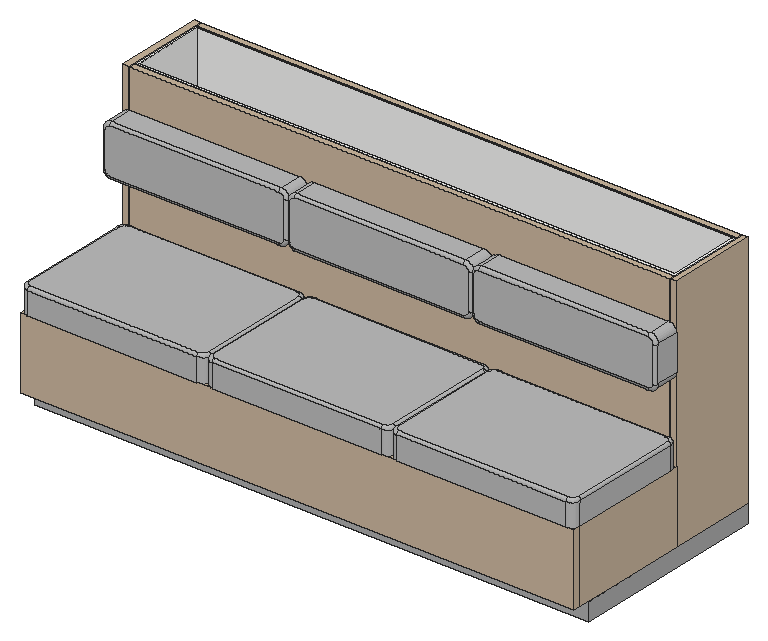
Revit family "Booth con Jardinera", category Sistemas de mobiliario, Revit 2024
Family settings
  Cota de conector redondo = Usar diámetro
  Tipo de pieza = Normal
  Se basa en plano de trabajo = No
  Activar corte en vistas = No
  Siempre vertical = Sí
  Corte con vacíos al cargar = No
  Compartido = No
  Punto de cálculo de habitación = No
Parameters
  Tela = Tela gris
  Melamina = Melamina duna
  Estructura = Pintura blaca brillante
  Elevación por defecto = 0 mm
Reference planes
  plane 1: z = 0
  plane 2 "Centro (Izquierda/Derecha)": x = -190
  plane 3 "Centro I/K": x = -1630
  plane 4 "Centro I/H": y = -500.226
  plane 5 "Centro I/J": y = -1200
  plane 6 "Centro I/L": x = -1200
  plane 7 "Centro I/M": x = 599.549
  plane 8 "Centro (Frontal/Posterior)": y = 0
  plane 9 "Centro I/G": y = 1800
  plane 10 "Centro I/M": x = 599.549
  plane 11 "Centro I/N": x = 1199.549
  plane 12 "Centro (Frontal/Posterior)": y = 0
  plane 13 "Centro I/I": y = -600
  plane 14 "Centro I/J": y = -1200
  plane 15 "Centro I/M": x = 599.549
  plane 16 "Centro I/N": x = 1199.549
  plane 17 "Centro I/O": x = 1800
  plane 18 "Centro I/V": x = -910
  plane 19 "Centro I/GG": y = 1114.793
  plane 20 "Centro I/HH": y = 264.793
  plane 21 "Centro I/II": y = 764.793
  plane 22 "Centro I/JJ": x = -2350
Forms (mm)
  Extrusion 1, solid, material "Acero, acabado de pintura, gris oscuro, mate"
    sketch origin (-2919.549, -335.207, 0) x (1, 0, 0) y (0, 1, 0)
      loop
        line (569.549, 1450) -> (569.549, 670) -> (2729.549, 670) -> (2729.549, 1450) -> (569.549, 1450)
      loop
        line (2704.549, 695) -> (2704.549, 1425) -> (594.549, 1425) -> (594.549, 695) -> (2704.549, 695)
    from 0 to 70
  Extrusion 2, solid, material "Tela gris" <- "Tela", not visible
    sketch origin (25, 24.549, 0) x (1, 0, 0) y (0, 1, 0)
      loop
        arc (-1169.977, -699.549) -> (-1191.253, -708.455) -> (-1200, -729.797) r 30.136
        line (-1200, -729.797) -> (-1200, -1169.752)
        arc (-1200, -1169.752) -> (-1191.16, -1190.868) -> (-1169.977, -1199.549) r 29.91
        line (-1169.977, -1199.549) -> (169.977, -1199.549)
        arc (169.977, -1199.549) -> (191.207, -1190.755) -> (200, -1169.526) r 30.023
        line (200, -1169.526) -> (200, -729.571)
        arc (200, -729.571) -> (191.207, -708.342) -> (169.977, -699.549) r 30.023
        line (169.977, -699.549) -> (-1169.977, -699.549)
    from 350 to 450
  Sweep 3, void, not visible
    path origin (0, 0, 0) x (1, 0, 0) y (0, 1, 0)
      loop
        line (-1175, -705.248) -> (-1175, -1145.203)
        arc (-1175, -1145.203) -> (-1166.16, -1166.319) -> (-1144.977, -1175) r 29.91
        line (-1144.977, -1175) -> (194.977, -1175)
        arc (194.977, -1175) -> (216.207, -1166.207) -> (225, -1144.977) r 30.023
        line (225, -1144.977) -> (225, -705.023)
        arc (225, -705.023) -> (216.207, -683.793) -> (194.977, -675) r 30.023
        line (194.977, -675) -> (-1144.977, -675)
        arc (-1144.977, -675) -> (-1166.253, -683.906) -> (-1175, -705.248) r 30.136
    profile origin (-1175, -925.226, 0) x (1, 0, 0) y (0, 0, 1)
      loop
        line (10.607, 450) -> (0, 450) -> (0, 439.393)
        arc (0, 439.393) -> (3.107, 446.893) -> (10.607, 450) r 10.607
  Extrusion 4, solid, material "Tela gris" <- "Tela", not visible
    sketch origin (0, -0.451, 0) x (1, 0, 0) y (0, 1, 0)
      loop
        arc (-1169.977, -524.774) -> (-1191.253, -533.681) -> (-1200, -555.023) r 30.136
        line (-1200, -555.023) -> (-1200, -1169.752)
        arc (-1200, -1169.752) -> (-1191.16, -1190.868) -> (-1169.977, -1199.549) r 29.91
        line (-1169.977, -1199.549) -> (-630.023, -1199.549)
        arc (-630.023, -1199.549) -> (-608.793, -1190.755) -> (-600, -1169.526) r 30.023
        line (-600, -1169.526) -> (-600, -554.797)
        arc (-600, -554.797) -> (-608.793, -533.568) -> (-630.023, -524.774) r 30.023
        line (-630.023, -524.774) -> (-1169.977, -524.774)
    from 70 to 450
  Sweep 5, void, not visible
    path origin (-25, -25, 0) x (1, 0, 0) y (0, 1, 0)
      loop
        line (-1175, -530.474) -> (-1175, -1145.203)
        arc (-1175, -1145.203) -> (-1166.16, -1166.319) -> (-1144.977, -1175) r 29.91
        line (-1144.977, -1175) -> (-605.023, -1175)
        arc (-605.023, -1175) -> (-583.793, -1166.207) -> (-575, -1144.977) r 30.023
        line (-575, -1144.977) -> (-575, -530.248)
        arc (-575, -530.248) -> (-583.793, -509.019) -> (-605.023, -500.226) r 30.023
        line (-605.023, -500.226) -> (-1144.977, -500.226)
        arc (-1144.977, -500.226) -> (-1166.253, -509.132) -> (-1175, -530.474) r 30.136
    profile origin (-1200, -862.839, 0) x (1, 0, 0) y (0, 0, 1)
      loop
        line (10.607, 450) -> (0, 450) -> (0, 439.393)
        arc (0, 439.393) -> (3.107, 446.893) -> (10.607, 450) r 10.607
  Extrusion 6, solid, material "Melamina duna" <- "Melamina", not visible
    sketch origin (0, 0, 0) x (1, 0, 0) y (0, 1, 0)
      loop
        line (-1200, -1200) -> (599.549, -1200) -> (599.549, -500.226) -> (-1200, -500.226) -> (-1200, -1200)
      loop
        line (574.549, -525.226) -> (-1175, -525.226) -> (-1175, -1175) -> (574.549, -1175) -> (574.549, -525.226)
    from 0 to 70
  Extrusion 7, solid, material "Melamina duna" <- "Melamina", not visible
    sketch origin (0, 0, 45) x (1, 0, 0) y (0, 1, 0)
      loop
        line (-1175, -525.226) -> (-1175, -1175) -> (574.549, -1175) -> (574.549, -525.226) -> (-1175, -525.226)
    from 0 to 25
  Extrusion 8, solid, material "Melamina duna" <- "Melamina", not visible
    sketch origin (0, 0, 0) x (1, 0, 0) y (0, 1, 0)
      loop
        line (-1200, -500.226) -> (-1200, -525.226) -> (599.549, -525.226) -> (599.549, -500.226) -> (-1200, -500.226)
    from 70 to 450
  Extrusion 9, solid, material "Tela gris" <- "Tela", not visible
    sketch origin (0, -0.451, 0) x (1, 0, 0) y (0, 1, 0)
      loop
        arc (-1169.977, -524.774) -> (-1191.253, -533.681) -> (-1200, -555.023) r 30.136
        line (-1200, -555.023) -> (-1200, -1169.752)
        arc (-1200, -1169.752) -> (-1191.16, -1190.868) -> (-1169.977, -1199.549) r 29.91
        line (-1169.977, -1199.549) -> (-630.023, -1199.549)
        arc (-630.023, -1199.549) -> (-608.793, -1190.755) -> (-600, -1169.526) r 30.023
        line (-600, -1169.526) -> (-600, -554.797)
        arc (-600, -554.797) -> (-608.793, -533.568) -> (-630.023, -524.774) r 30.023
        line (-630.023, -524.774) -> (-1169.977, -524.774)
    from 70 to 450
  Sweep 10, void, not visible
    path origin (-25, -25, 0) x (1, 0, 0) y (0, 1, 0)
      loop
        line (-1175, -530.474) -> (-1175, -1145.203)
        arc (-1175, -1145.203) -> (-1166.16, -1166.319) -> (-1144.977, -1175) r 29.91
        line (-1144.977, -1175) -> (-605.023, -1175)
        arc (-605.023, -1175) -> (-583.793, -1166.207) -> (-575, -1144.977) r 30.023
        line (-575, -1144.977) -> (-575, -530.248)
        arc (-575, -530.248) -> (-583.793, -509.019) -> (-605.023, -500.226) r 30.023
        line (-605.023, -500.226) -> (-1144.977, -500.226)
        arc (-1144.977, -500.226) -> (-1166.253, -509.132) -> (-1175, -530.474) r 30.136
    profile origin (-1200, -862.839, 0) x (1, 0, 0) y (0, 0, 1)
      loop
        line (10.607, 450) -> (0, 450) -> (0, 439.393)
        arc (0, 439.393) -> (3.107, 446.893) -> (10.607, 450) r 10.607
  Extrusion 11, solid, material "Tela gris" <- "Tela", not visible
    sketch origin (-1200, -630.248, 0) x (0, -1, 0) y (0, 0, 1)
      loop
        line (-130.023, 450) -> (-10.023, 450) -> (-46.294, 678.702)
        arc (-46.294, 678.702) -> (-54.837, 693.951) -> (-71.236, 700) r 25.254
        line (-71.236, 700) -> (-108.809, 700)
        arc (-108.809, 700) -> (-123.809, 693.787) -> (-130.023, 678.787) r 21.213
        line (-130.023, 678.787) -> (-130.023, 450)
    from -1799.549 to 0
  Extrusion 12, solid, material "Tela gris" <- "Tela", not visible
    sketch origin (600, -0.451, 0) x (1, 0, 0) y (0, 1, 0)
      loop
        arc (-1169.977, -524.774) -> (-1191.253, -533.681) -> (-1200, -555.023) r 30.136
        line (-1200, -555.023) -> (-1200, -1169.752)
        arc (-1200, -1169.752) -> (-1191.16, -1190.868) -> (-1169.977, -1199.549) r 29.91
        line (-1169.977, -1199.549) -> (-630.023, -1199.549)
        arc (-630.023, -1199.549) -> (-608.793, -1190.755) -> (-600, -1169.526) r 30.023
        line (-600, -1169.526) -> (-600, -554.797)
        arc (-600, -554.797) -> (-608.793, -533.568) -> (-630.023, -524.774) r 30.023
        line (-630.023, -524.774) -> (-1169.977, -524.774)
    from 70 to 450
  Sweep 13, void, not visible
    path origin (575, -25, 0) x (1, 0, 0) y (0, 1, 0)
      loop
        line (-1175, -530.474) -> (-1175, -1145.203)
        arc (-1175, -1145.203) -> (-1166.16, -1166.319) -> (-1144.977, -1175) r 29.91
        line (-1144.977, -1175) -> (-605.023, -1175)
        arc (-605.023, -1175) -> (-583.793, -1166.207) -> (-575, -1144.977) r 30.023
        line (-575, -1144.977) -> (-575, -530.248)
        arc (-575, -530.248) -> (-583.793, -509.019) -> (-605.023, -500.226) r 30.023
        line (-605.023, -500.226) -> (-1144.977, -500.226)
        arc (-1144.977, -500.226) -> (-1166.253, -509.132) -> (-1175, -530.474) r 30.136
    profile origin (-600, -862.839, 0) x (1, 0, 0) y (0, 0, 1)
      loop
        line (10.607, 450) -> (0, 450) -> (0, 439.393)
        arc (0, 439.393) -> (3.107, 446.893) -> (10.607, 450) r 10.607
  Extrusion 14, solid, material "Tela gris" <- "Tela", not visible
    sketch origin (1200, -0.451, 0) x (1, 0, 0) y (0, 1, 0)
      loop
        arc (-1169.977, -524.774) -> (-1191.253, -533.681) -> (-1200, -555.023) r 30.136
        line (-1200, -555.023) -> (-1200, -1169.752)
        arc (-1200, -1169.752) -> (-1191.16, -1190.868) -> (-1169.977, -1199.549) r 29.91
        line (-1169.977, -1199.549) -> (-630.023, -1199.549)
        arc (-630.023, -1199.549) -> (-608.793, -1190.755) -> (-600, -1169.526) r 30.023
        line (-600, -1169.526) -> (-600, -554.797)
        arc (-600, -554.797) -> (-608.793, -533.568) -> (-630.023, -524.774) r 30.023
        line (-630.023, -524.774) -> (-1169.977, -524.774)
    from 70 to 450
  Sweep 15, void, not visible
    path origin (1175, -25, 0) x (1, 0, 0) y (0, 1, 0)
      loop
        line (-1175, -530.474) -> (-1175, -1145.203)
        arc (-1175, -1145.203) -> (-1166.16, -1166.319) -> (-1144.977, -1175) r 29.91
        line (-1144.977, -1175) -> (-605.023, -1175)
        arc (-605.023, -1175) -> (-583.793, -1166.207) -> (-575, -1144.977) r 30.023
        line (-575, -1144.977) -> (-575, -530.248)
        arc (-575, -530.248) -> (-583.793, -509.019) -> (-605.023, -500.226) r 30.023
        line (-605.023, -500.226) -> (-1144.977, -500.226)
        arc (-1144.977, -500.226) -> (-1166.253, -509.132) -> (-1175, -530.474) r 30.136
    profile origin (0, -862.839, 0) x (1, 0, 0) y (0, 0, 1)
      loop
        line (10.607, 450) -> (0, 450) -> (0, 439.393)
        arc (0, 439.393) -> (3.107, 446.893) -> (10.607, 450) r 10.607
  Extrusion 16, solid, material "Melamina duna" <- "Melamina", not visible
    sketch origin (0, 0, 0) x (1, 0, 0) y (0, 1, 0)
      loop
        line (599.549, 1800) -> (599.549, 0) -> (1199.549, 0) -> (1199.549, 1800) -> (599.549, 1800)
      loop
        line (624.549, 1775) -> (624.549, 25) -> (1174.549, 25) -> (1174.549, 1775) -> (624.549, 1775)
    from 0 to 70
  Extrusion 17, solid, material "Melamina duna" <- "Melamina", not visible
    sketch origin (0, 0, 45) x (1, 0, 0) y (0, 1, 0)
      loop
        line (1174.549, 25) -> (1174.549, 1775) -> (624.549, 1775) -> (624.549, 25) -> (1174.549, 25)
    from 0 to 25
  Extrusion 18, solid, material "Tela gris" <- "Tela", not visible
    sketch origin (1799.549, 1199.549, 0) x (1, 0, 0) y (0, 1, 0)
      loop
        arc (-1169.977, -699.549) -> (-1191.253, -708.455) -> (-1200, -729.797) r 30.136
        line (-1200, -729.797) -> (-1200, -1169.752)
        arc (-1200, -1169.752) -> (-1191.16, -1190.868) -> (-1169.977, -1199.549) r 29.91
        line (-1169.977, -1199.549) -> (169.977, -1199.549)
        arc (169.977, -1199.549) -> (191.207, -1190.755) -> (200, -1169.526) r 30.023
        line (200, -1169.526) -> (200, -729.571)
        arc (200, -729.571) -> (191.207, -708.342) -> (169.977, -699.549) r 30.023
        line (169.977, -699.549) -> (-1169.977, -699.549)
    from 350 to 450
  Sweep 19, void, not visible
    path origin (1774.549, 1175, 0) x (1, 0, 0) y (0, 1, 0)
      loop
        line (-1175, -705.248) -> (-1175, -1145.203)
        arc (-1175, -1145.203) -> (-1166.16, -1166.319) -> (-1144.977, -1175) r 29.91
        line (-1144.977, -1175) -> (194.977, -1175)
        arc (194.977, -1175) -> (216.207, -1166.207) -> (225, -1144.977) r 30.023
        line (225, -1144.977) -> (225, -705.023)
        arc (225, -705.023) -> (216.207, -683.793) -> (194.977, -675) r 30.023
        line (194.977, -675) -> (-1144.977, -675)
        arc (-1144.977, -675) -> (-1166.253, -683.906) -> (-1175, -705.248) r 30.136
    profile origin (599.549, 249.774, 0) x (1, 0, 0) y (0, 0, 1)
      loop
        line (10.607, 450) -> (0, 450) -> (0, 439.393)
        arc (0, 439.393) -> (3.107, 446.893) -> (10.607, 450) r 10.607
  Extrusion 20, solid, material "Tela gris" <- "Tela", not visible
    sketch origin (1799.549, 1799.549, 0) x (1, 0, 0) y (0, 1, 0)
      loop
        arc (-1169.977, -699.549) -> (-1191.253, -708.455) -> (-1200, -729.797) r 30.136
        line (-1200, -729.797) -> (-1200, -1169.752)
        arc (-1200, -1169.752) -> (-1191.16, -1190.868) -> (-1169.977, -1199.549) r 29.91
        line (-1169.977, -1199.549) -> (169.977, -1199.549)
        arc (169.977, -1199.549) -> (191.207, -1190.755) -> (200, -1169.526) r 30.023
        line (200, -1169.526) -> (200, -729.571)
        arc (200, -729.571) -> (191.207, -708.342) -> (169.977, -699.549) r 30.023
        line (169.977, -699.549) -> (-1169.977, -699.549)
    from 350 to 450
  Sweep 21, void, not visible
    path origin (1774.549, 1775, 0) x (1, 0, 0) y (0, 1, 0)
      loop
        line (-1175, -705.248) -> (-1175, -1145.203)
        arc (-1175, -1145.203) -> (-1166.16, -1166.319) -> (-1144.977, -1175) r 29.91
        line (-1144.977, -1175) -> (194.977, -1175)
        arc (194.977, -1175) -> (216.207, -1166.207) -> (225, -1144.977) r 30.023
        line (225, -1144.977) -> (225, -705.023)
        arc (225, -705.023) -> (216.207, -683.793) -> (194.977, -675) r 30.023
        line (194.977, -675) -> (-1144.977, -675)
        arc (-1144.977, -675) -> (-1166.253, -683.906) -> (-1175, -705.248) r 30.136
    profile origin (599.549, 849.774, 0) x (1, 0, 0) y (0, 0, 1)
      loop
        line (10.607, 450) -> (0, 450) -> (0, 439.393)
        arc (0, 439.393) -> (3.107, 446.893) -> (10.607, 450) r 10.607
  Extrusion 22, solid, material "Tela gris" <- "Tela", not visible
    sketch origin (1799.549, 2399.549, 0) x (1, 0, 0) y (0, 1, 0)
      loop
        arc (-1169.977, -699.549) -> (-1191.253, -708.455) -> (-1200, -729.797) r 30.136
        line (-1200, -729.797) -> (-1200, -1169.752)
        arc (-1200, -1169.752) -> (-1191.16, -1190.868) -> (-1169.977, -1199.549) r 29.91
        line (-1169.977, -1199.549) -> (169.977, -1199.549)
        arc (169.977, -1199.549) -> (191.207, -1190.755) -> (200, -1169.526) r 30.023
        line (200, -1169.526) -> (200, -729.571)
        arc (200, -729.571) -> (191.207, -708.342) -> (169.977, -699.549) r 30.023
        line (169.977, -699.549) -> (-1169.977, -699.549)
    from 350 to 450
  Sweep 23, void, not visible
    path origin (1774.549, 2375, 0) x (1, 0, 0) y (0, 1, 0)
      loop
        line (-1175, -705.248) -> (-1175, -1145.203)
        arc (-1175, -1145.203) -> (-1166.16, -1166.319) -> (-1144.977, -1175) r 29.91
        line (-1144.977, -1175) -> (194.977, -1175)
        arc (194.977, -1175) -> (216.207, -1166.207) -> (225, -1144.977) r 30.023
        line (225, -1144.977) -> (225, -705.023)
        arc (225, -705.023) -> (216.207, -683.793) -> (194.977, -675) r 30.023
        line (194.977, -675) -> (-1144.977, -675)
        arc (-1144.977, -675) -> (-1166.253, -683.906) -> (-1175, -705.248) r 30.136
    profile origin (599.549, 1449.774, 0) x (1, 0, 0) y (0, 0, 1)
      loop
        line (10.607, 450) -> (0, 450) -> (0, 439.393)
        arc (0, 439.393) -> (3.107, 446.893) -> (10.607, 450) r 10.607
  Extrusion 24, solid, material "Melamina duna" <- "Melamina", not visible
    sketch origin (0, 0, 0) x (1, 0, 0) y (0, 1, 0)
      loop
        line (599.549, 0) -> (599.549, -1200) -> (1199.097, -1200) -> (1800, -600) -> (1800, 0) -> (599.549, 0)
      loop
        line (624.549, -25) -> (624.549, -1175) -> (1188.742, -1175) -> (1775, -589.645) -> (1775, -25) -> (624.549, -25)
    from 0 to 70
  Extrusion 25, solid, material "Melamina duna" <- "Melamina", not visible
    sketch origin (0, 0, 0) x (1, 0, 0) y (0, 1, 0)
      loop
        line (624.549, -25) -> (624.549, -1175) -> (1188.742, -1175) -> (1775, -589.645) -> (1775, -25) -> (624.549, -25)
    from 0 to 25
  Extrusion 26, solid, material "Melamina duna" <- "Melamina", not visible
    sketch origin (0, 0, 0) x (1, 0, 0) y (0, 1, 0)
      loop
        line (599.549, 0) -> (599.549, -25.282) -> (1174.266, -25.282) -> (1174.266, -575.169) -> (599.549, -575.169) -> (599.549, -600) -> (1199.549, -600) -> (1199.549, 0) -> (599.549, 0)
    from 70 to 700
  Extrusion 27, solid, material "Melamina duna" <- "Melamina", not visible
    sketch origin (-0.169, -0.282, 372.5) x (1, 0, 0) y (0, 1, 0)
      loop
        line (624.718, -25) -> (624.718, -574.887) -> (1174.436, -574.887) -> (1174.436, -25) -> (624.718, -25)
    from -72.5 to -52.5
  Extrusion 28, solid, material "Melamina duna" <- "Melamina", not visible
    sketch origin (624.549, -0.282, -514.718) x (0, 0, 1) y (0, 1, 0)
      loop
        line (584.718, -25) -> (584.718, -574.887) -> (1214.718, -574.887) -> (1214.718, -25) -> (584.718, -25)
    from 0 to 25
  Extrusion 29, solid, material "Melamina duna" <- "Melamina", not visible
    sketch origin (-599.549, 0, 0) x (1, 0, 0) y (0, 1, 0)
      loop
        line (1799.097, -25) -> (1774.097, -25) -> (1774.097, -575.169) -> (1224.097, -575.169) -> (1224.097, -600) -> (1799.097, -600) -> (1799.097, -25)
    from 25 to 70
  Extrusion 30, solid, material "Melamina duna" <- "Melamina"
    sketch origin (-630, -360.207, 70) x (1, 0, 0) y (0, 1, 0)
      loop
        line (-1695, 1450) -> (-1695, 650) -> (415, 650) -> (415, 1450) -> (-1695, 1450)
    from 0 to 25
  Extrusion 31, solid, material "Melamina duna" <- "Melamina"
    sketch origin (-600.18, 687.293, -624.718) x (0, 0, 1) y (-1, 0, 0)
      loop
        line (719.718, 1724.82) -> (719.718, -385.18) -> (974.718, -385.18) -> (974.718, 1724.82) -> (719.718, 1724.82)
    from -77.5 to -52.5
  Extrusion 32, solid, material "Melamina duna" <- "Melamina"
    sketch origin (-600.18, 212.293, -624.718) x (0, 0, 1) y (-1, 0, 0)
      loop
        line (694.718, 1749.82) -> (694.718, -410.18) -> (974.718, -410.18) -> (974.718, 1749.82) -> (694.718, 1749.82)
    from -77.5 to -52.5
  Extrusion 33, solid, material "Melamina duna" <- "Melamina"
    sketch origin (-2272.5, 1509.612, -624.718) x (0, 0, 1) y (0, -1, 0)
      loop
        line (694.718, 1219.82) -> (694.718, 744.82) -> (974.718, 744.82) -> (974.718, 1219.82) -> (694.718, 1219.82)
    from -77.5 to -52.5
  Extrusion 34, solid, material "Melamina duna" <- "Melamina"
    sketch origin (-137.5, 1509.612, -624.718) x (0, 0, 1) y (0, -1, 0)
      loop
        line (694.718, 1219.82) -> (694.718, 744.82) -> (974.718, 744.82) -> (974.718, 1219.82) -> (694.718, 1219.82)
    from -77.5 to -52.5
  Extrusion 35, solid, material "Melamina duna" <- "Melamina"
    sketch origin (-625, -360.207, 325) x (1, 0, 0) y (0, 1, 0)
      loop
        line (-1700, 1100) -> (-1700, 650) -> (410, 650) -> (410, 1100) -> (-1700, 1100)
    from 0 to 25
  Extrusion 36, solid, material "Melamina duna" <- "Melamina"
    sketch origin (-2272.5, 2009.612, -624.718) x (0, 0, 1) y (0, -1, 0)
      loop
        line (694.718, 1244.82) -> (694.718, 894.82) -> (1624.718, 894.82) -> (1624.718, 1244.82) -> (694.718, 1244.82)
    from -77.5 to -52.5
  Extrusion 37, solid, material "Tela gris" <- "Tela", not visible
    sketch origin (-1530, 1464.341, 0) x (1, 0, 0) y (0, 1, 0)
      loop
        arc (-1169.977, -699.549) -> (-1191.253, -708.455) -> (-1200, -729.797) r 30.136
        line (-1200, -729.797) -> (-1200, -1169.752)
        arc (-1200, -1169.752) -> (-1191.16, -1190.868) -> (-1169.977, -1199.549) r 29.91
        line (-1169.977, -1199.549) -> (-510.023, -1199.549)
        arc (-510.023, -1199.549) -> (-488.793, -1190.755) -> (-480, -1169.526) r 30.023
        line (-480, -1169.526) -> (-480, -729.571)
        arc (-480, -729.571) -> (-488.793, -708.342) -> (-510.023, -699.549) r 30.023
        line (-510.023, -699.549) -> (-1169.977, -699.549)
    from 350 to 450
  Sweep 38, void, not visible
    path origin (-1555, 1439.793, 0) x (1, 0, 0) y (0, 1, 0)
      loop
        line (-1175, -705.248) -> (-1175, -1145.203)
        arc (-1175, -1145.203) -> (-1166.16, -1166.319) -> (-1144.977, -1175) r 29.91
        line (-1144.977, -1175) -> (-485.023, -1175)
        arc (-485.023, -1175) -> (-463.793, -1166.207) -> (-455, -1144.977) r 30.023
        line (-455, -1144.977) -> (-455, -705.023)
        arc (-455, -705.023) -> (-463.793, -683.793) -> (-485.023, -675) r 30.023
        line (-485.023, -675) -> (-1144.977, -675)
        arc (-1144.977, -675) -> (-1166.253, -683.906) -> (-1175, -705.248) r 30.136
    profile origin (-2730, 514.567, 0) x (1, 0, 0) y (0, 0, 1)
      loop
        line (10.607, 450) -> (0, 450) -> (0, 439.393)
        arc (0, 439.393) -> (3.107, 446.893) -> (10.607, 450) r 10.607
  Extrusion 39, solid, material "Tela gris" <- "Tela"
    sketch origin (-1150, 1464.341, 0) x (1, 0, 0) y (0, 1, 0)
      loop
        arc (-1169.977, -699.549) -> (-1191.253, -708.455) -> (-1200, -729.797) r 30.136
        line (-1200, -729.797) -> (-1200, -1169.752)
        arc (-1200, -1169.752) -> (-1191.16, -1190.868) -> (-1169.977, -1199.549) r 29.91
        line (-1169.977, -1199.549) -> (-510.023, -1199.549)
        arc (-510.023, -1199.549) -> (-488.793, -1190.755) -> (-480, -1169.526) r 30.023
        line (-480, -1169.526) -> (-480, -729.571)
        arc (-480, -729.571) -> (-488.793, -708.342) -> (-510.023, -699.549) r 30.023
        line (-510.023, -699.549) -> (-1169.977, -699.549)
    from 350 to 450
  Sweep 40, void
    path origin (-1175, 1439.793, 0) x (1, 0, 0) y (0, 1, 0)
      loop
        line (-1175, -705.248) -> (-1175, -1145.203)
        arc (-1175, -1145.203) -> (-1166.16, -1166.319) -> (-1144.977, -1175) r 29.91
        line (-1144.977, -1175) -> (-485.023, -1175)
        arc (-485.023, -1175) -> (-463.793, -1166.207) -> (-455, -1144.977) r 30.023
        line (-455, -1144.977) -> (-455, -705.023)
        arc (-455, -705.023) -> (-463.793, -683.793) -> (-485.023, -675) r 30.023
        line (-485.023, -675) -> (-1144.977, -675)
        arc (-1144.977, -675) -> (-1166.253, -683.906) -> (-1175, -705.248) r 30.136
    profile origin (-2350, 514.567, 0) x (1, 0, 0) y (0, 0, 1)
      loop
        line (10.607, 450) -> (0, 450) -> (0, 439.393)
        arc (0, 439.393) -> (3.107, 446.893) -> (10.607, 450) r 10.607
  Extrusion 41, solid, material "Tela gris" <- "Tela", not visible
    sketch origin (3940, 1464.341, 0) x (1, 0, 0) y (0, 1, 0)
      loop
        arc (-1179.977, -699.549) -> (-1201.253, -708.455) -> (-1210, -729.797) r 30.136
        line (-1210, -729.797) -> (-1210, -1169.752)
        arc (-1210, -1169.752) -> (-1201.16, -1190.868) -> (-1179.977, -1199.549) r 29.91
        line (-1179.977, -1199.549) -> (169.977, -1199.549)
        arc (169.977, -1199.549) -> (191.207, -1190.755) -> (200, -1169.526) r 30.023
        line (200, -1169.526) -> (200, -729.571)
        arc (200, -729.571) -> (191.207, -708.342) -> (169.977, -699.549) r 30.023
        line (169.977, -699.549) -> (-1179.977, -699.549)
    from 350 to 450
  Sweep 42, void, not visible
    path origin (3915, 1439.793, 0) x (1, 0, 0) y (0, 1, 0)
      loop
        line (-1185, -705.248) -> (-1185, -1145.203)
        arc (-1185, -1145.203) -> (-1176.16, -1166.319) -> (-1154.977, -1175) r 29.91
        line (-1154.977, -1175) -> (194.977, -1175)
        arc (194.977, -1175) -> (216.207, -1166.207) -> (225, -1144.977) r 30.023
        line (225, -1144.977) -> (225, -705.023)
        arc (225, -705.023) -> (216.207, -683.793) -> (194.977, -675) r 30.023
        line (194.977, -675) -> (-1154.977, -675)
        arc (-1154.977, -675) -> (-1176.253, -683.906) -> (-1185, -705.248) r 30.136
    profile origin (2730, 514.567, 0) x (1, 0, 0) y (0, 0, 1)
      loop
        line (10.607, 450) -> (0, 450) -> (0, 439.393)
        arc (0, 439.393) -> (3.107, 446.893) -> (10.607, 450) r 10.607
  Extrusion 43, solid, material "Melamina duna" <- "Melamina"
    sketch origin (-600.18, 1037.293, -624.718) x (0, 0, 1) y (-1, 0, 0)
      loop
        line (694.718, 1724.82) -> (694.718, -385.18) -> (1624.718, -385.18) -> (1624.718, 1724.82) -> (694.718, 1724.82)
    from -77.5 to -52.5
  Extrusion 44, solid, material "Melamina duna" <- "Melamina"
    sketch origin (-600.18, 712.293, -624.718) x (0, 0, 1) y (-1, 0, 0)
      loop
        line (719.718, 1724.82) -> (719.718, -385.18) -> (1624.718, -385.18) -> (1624.718, 1724.82) -> (719.718, 1724.82)
    from -77.5 to -52.5
  Extrusion 45, solid, material "Melamina duna" <- "Melamina"
    sketch origin (-137.5, 2009.612, -624.718) x (0, 0, 1) y (0, -1, 0)
      loop
        line (694.718, 1244.82) -> (694.718, 894.82) -> (1624.718, 894.82) -> (1624.718, 1244.82) -> (694.718, 1244.82)
    from -77.5 to -52.5
  Extrusion 46, solid, material "Tela gris" <- "Tela", not visible
    sketch origin (-2940, 1114.793, 1549.549) x (1, 0, 0) y (0, 0, 1)
      loop
        arc (-1169.977, -699.549) -> (-1191.253, -708.455) -> (-1200, -729.797) r 30.136
        line (-1200, -729.797) -> (-1200, -869.752)
        arc (-1200, -869.752) -> (-1191.16, -890.868) -> (-1169.977, -899.549) r 29.91
        line (-1169.977, -899.549) -> (169.977, -899.549)
        arc (169.977, -899.549) -> (191.207, -890.755) -> (200, -869.526) r 30.023
        line (200, -869.526) -> (200, -729.571)
        arc (200, -729.571) -> (191.207, -708.342) -> (169.977, -699.549) r 30.023
        line (169.977, -699.549) -> (-1169.977, -699.549)
    from 350 to 450
  Sweep 47, void, not visible
    path origin (-2965, 1114.793, 1525) x (1, 0, 0) y (0, 0, 1)
      loop
        line (-1175, -705.248) -> (-1175, -845.203)
        arc (-1175, -845.203) -> (-1166.16, -866.319) -> (-1144.977, -875) r 29.91
        line (-1144.977, -875) -> (194.977, -875)
        arc (194.977, -875) -> (216.207, -866.207) -> (225, -844.977) r 30.023
        line (225, -844.977) -> (225, -705.023)
        arc (225, -705.023) -> (216.207, -683.793) -> (194.977, -675) r 30.023
        line (194.977, -675) -> (-1144.977, -675)
        arc (-1144.977, -675) -> (-1166.253, -683.906) -> (-1175, -705.248) r 30.136
    profile origin (-4140, 1114.793, 749.774) x (0, -1, 0) y (1, 0, 0)
      loop
        arc (450, 10.607) -> (446.893, 3.107) -> (439.393, 0) r 10.607
        line (439.393, 0) -> (450, 0) -> (450, 10.607)
  Extrusion 48, solid, material "Tela gris" <- "Tela", not visible
    sketch origin (-1530, 1114.793, 1549.549) x (1, 0, 0) y (0, 0, 1)
      loop
        arc (-1169.977, -699.549) -> (-1191.253, -708.455) -> (-1200, -729.797) r 30.136
        line (-1200, -729.797) -> (-1200, -869.752)
        arc (-1200, -869.752) -> (-1191.16, -890.868) -> (-1169.977, -899.549) r 29.91
        line (-1169.977, -899.549) -> (-510.023, -899.549)
        arc (-510.023, -899.549) -> (-488.793, -890.755) -> (-480, -869.526) r 30.023
        line (-480, -869.526) -> (-480, -729.571)
        arc (-480, -729.571) -> (-488.793, -708.342) -> (-510.023, -699.549) r 30.023
        line (-510.023, -699.549) -> (-1169.977, -699.549)
    from 350 to 450
  Sweep 49, void, not visible
    path origin (-1555, 1114.793, 1525) x (1, 0, 0) y (0, 0, 1)
      loop
        line (-1175, -705.248) -> (-1175, -845.203)
        arc (-1175, -845.203) -> (-1166.16, -866.319) -> (-1144.977, -875) r 29.91
        line (-1144.977, -875) -> (-485.023, -875)
        arc (-485.023, -875) -> (-463.793, -866.207) -> (-455, -844.977) r 30.023
        line (-455, -844.977) -> (-455, -705.023)
        arc (-455, -705.023) -> (-463.793, -683.793) -> (-485.023, -675) r 30.023
        line (-485.023, -675) -> (-1144.977, -675)
        arc (-1144.977, -675) -> (-1166.253, -683.906) -> (-1175, -705.248) r 30.136
    profile origin (-2730, 1114.793, 749.774) x (0, -1, 0) y (1, 0, 0)
      loop
        arc (450, 10.607) -> (446.893, 3.107) -> (439.393, 0) r 10.607
        line (439.393, 0) -> (450, 0) -> (450, 10.607)
  Extrusion 50, solid, material "Tela gris" <- "Tela"
    sketch origin (-1150, 1114.793, 1549.549) x (1, 0, 0) y (0, 0, 1)
      loop
        arc (-1169.977, -699.549) -> (-1191.253, -708.455) -> (-1200, -729.797) r 30.136
        line (-1200, -729.797) -> (-1200, -869.752)
        arc (-1200, -869.752) -> (-1191.16, -890.868) -> (-1169.977, -899.549) r 29.91
        line (-1169.977, -899.549) -> (-510.023, -899.549)
        arc (-510.023, -899.549) -> (-488.793, -890.755) -> (-480, -869.526) r 30.023
        line (-480, -869.526) -> (-480, -729.571)
        arc (-480, -729.571) -> (-488.793, -708.342) -> (-510.023, -699.549) r 30.023
        line (-510.023, -699.549) -> (-1169.977, -699.549)
    from 350 to 450
  Sweep 51, void
    path origin (-1175, 1114.793, 1525) x (1, 0, 0) y (0, 0, 1)
      loop
        line (-1175, -705.248) -> (-1175, -845.203)
        arc (-1175, -845.203) -> (-1166.16, -866.319) -> (-1144.977, -875) r 29.91
        line (-1144.977, -875) -> (-485.023, -875)
        arc (-485.023, -875) -> (-463.793, -866.207) -> (-455, -844.977) r 30.023
        line (-455, -844.977) -> (-455, -705.023)
        arc (-455, -705.023) -> (-463.793, -683.793) -> (-485.023, -675) r 30.023
        line (-485.023, -675) -> (-1144.977, -675)
        arc (-1144.977, -675) -> (-1166.253, -683.906) -> (-1175, -705.248) r 30.136
    profile origin (-2350, 1114.793, 749.774) x (0, -1, 0) y (1, 0, 0)
      loop
        arc (450, 10.607) -> (446.893, 3.107) -> (439.393, 0) r 10.607
        line (439.393, 0) -> (450, 0) -> (450, 10.607)
  Extrusion 52, solid, material "Tela gris" <- "Tela", not visible
    sketch origin (3940, 1114.793, 1549.549) x (1, 0, 0) y (0, 0, 1)
      loop
        arc (-1179.977, -699.549) -> (-1201.253, -708.455) -> (-1210, -729.797) r 30.136
        line (-1210, -729.797) -> (-1210, -869.752)
        arc (-1210, -869.752) -> (-1201.16, -890.868) -> (-1179.977, -899.549) r 29.91
        line (-1179.977, -899.549) -> (169.977, -899.549)
        arc (169.977, -899.549) -> (191.207, -890.755) -> (200, -869.526) r 30.023
        line (200, -869.526) -> (200, -729.571)
        arc (200, -729.571) -> (191.207, -708.342) -> (169.977, -699.549) r 30.023
        line (169.977, -699.549) -> (-1179.977, -699.549)
    from 350 to 450
  Sweep 53, void, not visible
    path origin (3915, 1114.793, 1525) x (1, 0, 0) y (0, 0, 1)
      loop
        line (-1185, -705.248) -> (-1185, -845.203)
        arc (-1185, -845.203) -> (-1176.16, -866.319) -> (-1154.977, -875) r 29.91
        line (-1154.977, -875) -> (194.977, -875)
        arc (194.977, -875) -> (216.207, -866.207) -> (225, -844.977) r 30.023
        line (225, -844.977) -> (225, -705.023)
        arc (225, -705.023) -> (216.207, -683.793) -> (194.977, -675) r 30.023
        line (194.977, -675) -> (-1154.977, -675)
        arc (-1154.977, -675) -> (-1176.253, -683.906) -> (-1185, -705.248) r 30.136
    profile origin (2730, 1114.793, 749.774) x (0, -1, 0) y (1, 0, 0)
      loop
        arc (450, 10.607) -> (446.893, 3.107) -> (439.393, 0) r 10.607
        line (439.393, 0) -> (450, 0) -> (450, 10.607)
  Extrusion 54, solid, material "Tela gris" <- "Tela"
    sketch origin (-430, 1464.341, 0) x (1, 0, 0) y (0, 1, 0)
      loop
        arc (-1169.977, -699.549) -> (-1191.253, -708.455) -> (-1200, -729.797) r 30.136
        line (-1200, -729.797) -> (-1200, -1169.752)
        arc (-1200, -1169.752) -> (-1191.16, -1190.868) -> (-1169.977, -1199.549) r 29.91
        line (-1169.977, -1199.549) -> (-510.023, -1199.549)
        arc (-510.023, -1199.549) -> (-488.793, -1190.755) -> (-480, -1169.526) r 30.023
        line (-480, -1169.526) -> (-480, -729.571)
        arc (-480, -729.571) -> (-488.793, -708.342) -> (-510.023, -699.549) r 30.023
        line (-510.023, -699.549) -> (-1169.977, -699.549)
    from 350 to 450
  Sweep 55, void
    path origin (-455, 1439.793, 0) x (1, 0, 0) y (0, 1, 0)
      loop
        line (-1175, -705.248) -> (-1175, -1145.203)
        arc (-1175, -1145.203) -> (-1166.16, -1166.319) -> (-1144.977, -1175) r 29.91
        line (-1144.977, -1175) -> (-485.023, -1175)
        arc (-485.023, -1175) -> (-463.793, -1166.207) -> (-455, -1144.977) r 30.023
        line (-455, -1144.977) -> (-455, -705.023)
        arc (-455, -705.023) -> (-463.793, -683.793) -> (-485.023, -675) r 30.023
        line (-485.023, -675) -> (-1144.977, -675)
        arc (-1144.977, -675) -> (-1166.253, -683.906) -> (-1175, -705.248) r 30.136
    profile origin (-1630, 514.567, 0) x (1, 0, 0) y (0, 0, 1)
      loop
        line (10.607, 450) -> (0, 450) -> (0, 439.393)
        arc (0, 439.393) -> (3.107, 446.893) -> (10.607, 450) r 10.607
  Extrusion 56, solid, material "Tela gris" <- "Tela"
    sketch origin (290, 1464.341, 0) x (1, 0, 0) y (0, 1, 0)
      loop
        arc (-1169.977, -699.549) -> (-1191.253, -708.455) -> (-1200, -729.797) r 30.136
        line (-1200, -729.797) -> (-1200, -1169.752)
        arc (-1200, -1169.752) -> (-1191.16, -1190.868) -> (-1169.977, -1199.549) r 29.91
        line (-1169.977, -1199.549) -> (-510.023, -1199.549)
        arc (-510.023, -1199.549) -> (-488.793, -1190.755) -> (-480, -1169.526) r 30.023
        line (-480, -1169.526) -> (-480, -729.571)
        arc (-480, -729.571) -> (-488.793, -708.342) -> (-510.023, -699.549) r 30.023
        line (-510.023, -699.549) -> (-1169.977, -699.549)
    from 350 to 450
  Sweep 57, void
    path origin (265, 1439.793, 0) x (1, 0, 0) y (0, 1, 0)
      loop
        line (-1175, -705.248) -> (-1175, -1145.203)
        arc (-1175, -1145.203) -> (-1166.16, -1166.319) -> (-1144.977, -1175) r 29.91
        line (-1144.977, -1175) -> (-485.023, -1175)
        arc (-485.023, -1175) -> (-463.793, -1166.207) -> (-455, -1144.977) r 30.023
        line (-455, -1144.977) -> (-455, -705.023)
        arc (-455, -705.023) -> (-463.793, -683.793) -> (-485.023, -675) r 30.023
        line (-485.023, -675) -> (-1144.977, -675)
        arc (-1144.977, -675) -> (-1166.253, -683.906) -> (-1175, -705.248) r 30.136
    profile origin (-910, 514.567, 0) x (1, 0, 0) y (0, 0, 1)
      loop
        line (10.607, 450) -> (0, 450) -> (0, 439.393)
        arc (0, 439.393) -> (3.107, 446.893) -> (10.607, 450) r 10.607
  Extrusion 58, solid, material "Tela gris" <- "Tela"
    sketch origin (-430, 1114.793, 1549.549) x (1, 0, 0) y (0, 0, 1)
      loop
        arc (-1169.977, -699.549) -> (-1191.253, -708.455) -> (-1200, -729.797) r 30.136
        line (-1200, -729.797) -> (-1200, -869.752)
        arc (-1200, -869.752) -> (-1191.16, -890.868) -> (-1169.977, -899.549) r 29.91
        line (-1169.977, -899.549) -> (-510.023, -899.549)
        arc (-510.023, -899.549) -> (-488.793, -890.755) -> (-480, -869.526) r 30.023
        line (-480, -869.526) -> (-480, -729.571)
        arc (-480, -729.571) -> (-488.793, -708.342) -> (-510.023, -699.549) r 30.023
        line (-510.023, -699.549) -> (-1169.977, -699.549)
    from 350 to 450
  Sweep 59, void
    path origin (-455, 1114.793, 1525) x (1, 0, 0) y (0, 0, 1)
      loop
        line (-1175, -705.248) -> (-1175, -845.203)
        arc (-1175, -845.203) -> (-1166.16, -866.319) -> (-1144.977, -875) r 29.91
        line (-1144.977, -875) -> (-485.023, -875)
        arc (-485.023, -875) -> (-463.793, -866.207) -> (-455, -844.977) r 30.023
        line (-455, -844.977) -> (-455, -705.023)
        arc (-455, -705.023) -> (-463.793, -683.793) -> (-485.023, -675) r 30.023
        line (-485.023, -675) -> (-1144.977, -675)
        arc (-1144.977, -675) -> (-1166.253, -683.906) -> (-1175, -705.248) r 30.136
    profile origin (-1630, 1114.793, 749.774) x (0, -1, 0) y (1, 0, 0)
      loop
        arc (450, 10.607) -> (446.893, 3.107) -> (439.393, 0) r 10.607
        line (439.393, 0) -> (450, 0) -> (450, 10.607)
  Extrusion 60, solid, material "Tela gris" <- "Tela"
    sketch origin (290, 1114.793, 1549.549) x (1, 0, 0) y (0, 0, 1)
      loop
        arc (-1169.977, -699.549) -> (-1191.253, -708.455) -> (-1200, -729.797) r 30.136
        line (-1200, -729.797) -> (-1200, -869.752)
        arc (-1200, -869.752) -> (-1191.16, -890.868) -> (-1169.977, -899.549) r 29.91
        line (-1169.977, -899.549) -> (-510.023, -899.549)
        arc (-510.023, -899.549) -> (-488.793, -890.755) -> (-480, -869.526) r 30.023
        line (-480, -869.526) -> (-480, -729.571)
        arc (-480, -729.571) -> (-488.793, -708.342) -> (-510.023, -699.549) r 30.023
        line (-510.023, -699.549) -> (-1169.977, -699.549)
    from 350 to 450
  Sweep 61, void
    path origin (265, 1114.793, 1525) x (1, 0, 0) y (0, 0, 1)
      loop
        line (-1175, -705.248) -> (-1175, -845.203)
        arc (-1175, -845.203) -> (-1166.16, -866.319) -> (-1144.977, -875) r 29.91
        line (-1144.977, -875) -> (-485.023, -875)
        arc (-485.023, -875) -> (-463.793, -866.207) -> (-455, -844.977) r 30.023
        line (-455, -844.977) -> (-455, -705.023)
        arc (-455, -705.023) -> (-463.793, -683.793) -> (-485.023, -675) r 30.023
        line (-485.023, -675) -> (-1144.977, -675)
        arc (-1144.977, -675) -> (-1166.253, -683.906) -> (-1175, -705.248) r 30.136
    profile origin (-910, 1114.793, 749.774) x (0, -1, 0) y (1, 0, 0)
      loop
        arc (450, 10.607) -> (446.893, 3.107) -> (439.393, 0) r 10.607
        line (439.393, 0) -> (450, 0) -> (450, 10.607)
  Extrusion 62, solid, material "Pintura blaca brillante" <- "Estructura"
    sketch origin (-2854.716, 1469.962, 672.5) x (1, 0, 0) y (0, 1, 0)
      loop
        line (529.716, -380.169) -> (529.716, -680.169) -> (2639.716, -680.169) -> (2639.716, -380.169) -> (529.716, -380.169)
      loop
        line (2630.716, -671.169) -> (2630.716, -389.169) -> (538.716, -389.169) -> (538.716, -671.169) -> (2630.716, -671.169)
    from -72.5 to 327.5
  Extrusion 63, solid, material "Pintura blaca brillante" <- "Estructura"
    sketch origin (2620.458, -1792.936, 600) x (0, -1, 0) y (1, 0, 0)
      loop
        line (-2873.729, -4936.458) -> (-2591.729, -4936.458) -> (-2591.729, -2844.458) -> (-2873.729, -2844.458) -> (-2873.729, -4936.458)
    from 0 to 9
  Extrusion 64, solid, material "Acero, acabado de pintura, gris oscuro, mate"
    sketch origin (-2212.049, -375.41, 0) x (1, 0, 0) y (0, 1, 0)
      loop
        line (569.549, 1465.203) -> (569.549, 735.203) -> (594.549, 735.203) -> (594.549, 1465.203) -> (569.549, 1465.203)
    from 0 to 70
  Extrusion 65, solid, material "Acero, acabado de pintura, gris oscuro, mate"
    sketch origin (-1492.049, -375.41, 0) x (1, 0, 0) y (0, 1, 0)
      loop
        line (569.549, 1465.203) -> (569.549, 735.203) -> (594.549, 735.203) -> (594.549, 1465.203) -> (569.549, 1465.203)
    from 0 to 70
Cuts and joins
  Sweep 40, Sweep 55 cuts Extrusion 39
  Sweep 51, Sweep 59 cuts Extrusion 50
  Sweep 55, Sweep 57 cuts Extrusion 44
  Sweep 55, Sweep 57 cuts Extrusion 54
  Sweep 57 cuts Extrusion 56
  Sweep 59, Sweep 61 cuts Extrusion 58
  Sweep 61 cuts Extrusion 60
  joined: Extrusion 62, Extrusion 63
Dimensions and locks
  plane 20 "Centro I/HH" to plane 21 "Centro I/II" = 500 mm  (x2)
  plane 21 "Centro I/II" to plane 19 "Centro I/GG" = 350 mm  (x2)
  Extrusion 36 to level = 1000 mm
  plane 22 "Centro I/JJ" to plane 3 "Centro I/K" to plane 18 "Centro I/V" to plane 2 "Centro (Izquierda/Derecha)" = 720 mm, 720 mm, 720 mm
  cut or joined group of Extrusion 56, Sweep 57 to level = 350 mm
  cut or joined group of Extrusion 56, Sweep 57 to level = 450 mm
  plane 2 "Centro (Izquierda/Derecha)" to plane 22 "Centro I/JJ" = 2160 mm
  cut or joined group of Extrusion 44, Sweep 55, Sweep 57 to Extrusion 1 = 1000 mm
  Extrusion 32 to Extrusion 1 = 70 mm
  cut or joined group of Extrusion 56, Sweep 57 to Extrusion 32 = 280 mm
  cut or joined group of Extrusion 56, Sweep 57 to cut or joined group of Extrusion 56, Sweep 57 = 100 mm
  cut or joined group of Extrusion 60, Sweep 61 to cut or joined group of Extrusion 56, Sweep 57 = 200 mm
  cut or joined group of Extrusion 60, Sweep 61 to cut or joined group of Extrusion 60, Sweep 61 = 200 mm
  cut or joined group of Extrusion 44, Sweep 55, Sweep 57 to cut or joined group of Extrusion 60, Sweep 61 = 150 mm
  Extrusion 62 to Extrusion 43 = 400 mm
  aligned and locked: level to plane 1
Automatic sketch dimensions
  Extrusion 4 sketch curve to Extrusion 4 sketch curve = 29.91 mm
  Extrusion 4 sketch curve to Extrusion 4 sketch curve = 0.113 mm  (x3)
  Extrusion 4 sketch curve to Extrusion 4 sketch curve = 30.023 mm  (x2)
  Extrusion 4 sketch curve to Extrusion 4 sketch curve = 540.068 mm
  Extrusion 4 sketch curve to Extrusion 4 sketch curve = 539.842 mm
  Extrusion 4 sketch curve to Extrusion 4 sketch curve = 29.797 mm
  Extrusion 4 sketch curve to Extrusion 4 sketch curve = 614.729 mm
  Sweep 5 sketch curve to Sweep 5 sketch curve = 29.91 mm
  Sweep 5 sketch curve to Sweep 5 sketch curve = 30.023 mm  (x2)
  Sweep 5 sketch curve to Sweep 5 sketch curve = 0.113 mm  (x2)
  Sweep 5 sketch curve to Sweep 5 sketch curve = 30.135 mm
  Sweep 5 sketch curve to Sweep 5 sketch curve = 539.955 mm  (x2)
  Sweep 5 sketch curve to Sweep 5 sketch curve = 29.797 mm
  Sweep 5 sketch curve to Sweep 5 sketch curve = 614.729 mm
  profile plane to Sweep 5 sketch curve = 0 mm  (x2)
  Sweep 5 sketch curve to Sweep 5 sketch curve = 10.607 mm  (x2)
  profile plane to Sweep 5 sketch curve = 439.393 mm
  Sweep 5 sketch curve to Sweep 5 sketch curve = 0 mm  (x2)
  Extrusion 9 sketch curve to Extrusion 9 sketch curve = 29.91 mm
  Extrusion 9 sketch curve to Extrusion 9 sketch curve = 0.113 mm  (x3)
  Extrusion 9 sketch curve to Extrusion 9 sketch curve = 30.023 mm  (x2)
  Extrusion 9 sketch curve to Extrusion 9 sketch curve = 540.068 mm
  Extrusion 9 sketch curve to Extrusion 9 sketch curve = 539.842 mm
  Extrusion 9 sketch curve to Extrusion 9 sketch curve = 29.797 mm
  Extrusion 9 sketch curve to Extrusion 9 sketch curve = 614.729 mm
  Sweep 10 sketch curve to Sweep 10 sketch curve = 29.91 mm
  Sweep 10 sketch curve to Sweep 10 sketch curve = 30.023 mm  (x2)
  Sweep 10 sketch curve to Sweep 10 sketch curve = 0.113 mm  (x2)
  Sweep 10 sketch curve to Sweep 10 sketch curve = 30.135 mm
  Sweep 10 sketch curve to Sweep 10 sketch curve = 539.955 mm  (x2)
  Sweep 10 sketch curve to Sweep 10 sketch curve = 29.797 mm
  Sweep 10 sketch curve to Sweep 10 sketch curve = 614.729 mm
  profile plane to Sweep 10 sketch curve = 0 mm  (x2)
  Sweep 10 sketch curve to Sweep 10 sketch curve = 10.607 mm  (x2)
  profile plane to Sweep 10 sketch curve = 439.393 mm
  Sweep 10 sketch curve to Sweep 10 sketch curve = 0 mm  (x2)
  Extrusion 12 sketch curve to Extrusion 12 sketch curve = 29.91 mm
  Extrusion 12 sketch curve to Extrusion 12 sketch curve = 0.113 mm  (x3)
  Extrusion 12 sketch curve to Extrusion 12 sketch curve = 30.023 mm  (x2)
  Extrusion 12 sketch curve to Extrusion 12 sketch curve = 540.068 mm
  Extrusion 12 sketch curve to Extrusion 12 sketch curve = 539.842 mm
  Extrusion 12 sketch curve to Extrusion 12 sketch curve = 29.797 mm
  Extrusion 12 sketch curve to Extrusion 12 sketch curve = 614.729 mm
  Sweep 13 sketch curve to Sweep 13 sketch curve = 29.91 mm
  Sweep 13 sketch curve to Sweep 13 sketch curve = 30.023 mm  (x2)
  Sweep 13 sketch curve to Sweep 13 sketch curve = 0.113 mm  (x2)
  Sweep 13 sketch curve to Sweep 13 sketch curve = 30.135 mm
  Sweep 13 sketch curve to Sweep 13 sketch curve = 539.955 mm  (x2)
  Sweep 13 sketch curve to Sweep 13 sketch curve = 29.797 mm
  Sweep 13 sketch curve to Sweep 13 sketch curve = 614.729 mm
  profile plane to Sweep 13 sketch curve = 0 mm  (x2)
  Sweep 13 sketch curve to Sweep 13 sketch curve = 10.607 mm  (x2)
  profile plane to Sweep 13 sketch curve = 439.393 mm
  Sweep 13 sketch curve to Sweep 13 sketch curve = 0 mm  (x2)
  Extrusion 14 sketch curve to Extrusion 14 sketch curve = 29.91 mm
  Extrusion 14 sketch curve to Extrusion 14 sketch curve = 0.113 mm  (x3)
  Extrusion 14 sketch curve to Extrusion 14 sketch curve = 30.023 mm  (x2)
  Extrusion 14 sketch curve to Extrusion 14 sketch curve = 540.068 mm
  Extrusion 14 sketch curve to Extrusion 14 sketch curve = 539.842 mm
  Extrusion 14 sketch curve to Extrusion 14 sketch curve = 29.797 mm
  Extrusion 14 sketch curve to Extrusion 14 sketch curve = 614.729 mm
  Sweep 15 sketch curve to Sweep 15 sketch curve = 29.91 mm
  Sweep 15 sketch curve to Sweep 15 sketch curve = 30.023 mm  (x2)
  Sweep 15 sketch curve to Sweep 15 sketch curve = 0.113 mm  (x2)
  Sweep 15 sketch curve to Sweep 15 sketch curve = 30.135 mm
  Sweep 15 sketch curve to Sweep 15 sketch curve = 539.955 mm  (x2)
  Sweep 15 sketch curve to Sweep 15 sketch curve = 29.797 mm
  Sweep 15 sketch curve to Sweep 15 sketch curve = 614.729 mm
  profile plane to Sweep 15 sketch curve = 0 mm  (x2)
  Sweep 15 sketch curve to Sweep 15 sketch curve = 10.607 mm  (x2)
  profile plane to Sweep 15 sketch curve = 439.393 mm
  Sweep 15 sketch curve to Sweep 15 sketch curve = 0 mm  (x2)
  Extrusion 8 sketch curve to Extrusion 8 sketch curve = 25 mm
  Extrusion 11 sketch curve to Extrusion 11 sketch curve = 21.213 mm
  Extrusion 11 sketch curve to Extrusion 11 sketch curve = 24.942 mm
  Extrusion 11 sketch curve to Extrusion 11 sketch curve = 3.956 mm
  Extrusion 6 sketch curve to Extrusion 6 sketch curve = 25 mm  (x4)
  Extrusion 6 sketch curve to Extrusion 6 sketch curve = 1749.549 mm
  Extrusion 6 sketch curve to Extrusion 6 sketch curve = 649.774 mm
  Extrusion 7 sketch curve to Extrusion 7 sketch curve = 1749.549 mm
  Extrusion 7 sketch curve to Extrusion 7 sketch curve = 649.774 mm
  Extrusion 8 sketch curve to Extrusion 8 sketch curve = 1799.549 mm
  Extrusion 11 sketch curve to Extrusion 11 sketch curve = 37.574 mm
  Extrusion 11 sketch curve to Extrusion 11 sketch curve = 120 mm
  Extrusion 11 sketch curve to Extrusion 11 sketch curve = 224.746 mm
  Extrusion 16 sketch curve to Extrusion 16 sketch curve = 25 mm  (x4)
  Extrusion 16 sketch curve to Extrusion 16 sketch curve = 550 mm
  Extrusion 16 sketch curve to Extrusion 16 sketch curve = 1750 mm
  Extrusion 17 sketch curve to Extrusion 17 sketch curve = 550 mm
  Extrusion 17 sketch curve to Extrusion 17 sketch curve = 1750 mm
  Extrusion 26 sketch curve to Extrusion 26 sketch curve = 24.831 mm
  Extrusion 26 sketch curve to Extrusion 26 sketch curve = 25.282 mm  (x2)
  Extrusion 28 sketch curve to Extrusion 28 sketch curve = 630 mm
  Extrusion 24 sketch curve to Extrusion 24 sketch curve = 25 mm  (x4)
  Extrusion 24 sketch curve to Extrusion 24 sketch curve = 564.193 mm
  Extrusion 24 sketch curve to Extrusion 24 sketch curve = 10.355 mm  (x2)
  Extrusion 24 sketch curve to Extrusion 24 sketch curve = 1150.451 mm
  Extrusion 24 sketch curve to Extrusion 24 sketch curve = 575 mm
  Extrusion 24 sketch curve to Extrusion 24 sketch curve = 1150 mm
  Extrusion 25 sketch curve to Extrusion 25 sketch curve = 564.193 mm
  Extrusion 25 sketch curve to Extrusion 25 sketch curve = 586.258 mm
  Extrusion 25 sketch curve to Extrusion 25 sketch curve = 585.355 mm
  Extrusion 25 sketch curve to Extrusion 25 sketch curve = 564.645 mm
  Extrusion 26 sketch curve to Extrusion 26 sketch curve = 0 mm
  Extrusion 26 sketch curve to Extrusion 26 sketch curve = 574.718 mm
  Extrusion 26 sketch curve to Extrusion 26 sketch curve = 549.887 mm
  Extrusion 27 sketch curve to Extrusion 27 sketch curve = 549.718 mm
  Extrusion 27 sketch curve to Extrusion 27 sketch curve = 549.887 mm
  Extrusion 28 sketch curve to Extrusion 28 sketch curve = 549.887 mm
  Extrusion 29 sketch curve to Extrusion 29 sketch curve = 550 mm
  Extrusion 29 sketch curve to Extrusion 29 sketch curve = 25 mm
  Extrusion 29 sketch curve to Extrusion 29 sketch curve = 24.831 mm
  Extrusion 29 sketch curve to Extrusion 29 sketch curve = 550.169 mm
  Extrusion 37 sketch curve to Extrusion 37 sketch curve = 29.91 mm
  Extrusion 37 sketch curve to Extrusion 37 sketch curve = 0.113 mm  (x3)
  Extrusion 37 sketch curve to Extrusion 37 sketch curve = 30.023 mm  (x2)
  Extrusion 37 sketch curve to Extrusion 37 sketch curve = 660.068 mm
  Extrusion 37 sketch curve to Extrusion 37 sketch curve = 0 mm
  Extrusion 37 sketch curve to Extrusion 37 sketch curve = 29.797 mm
  Extrusion 37 sketch curve to Extrusion 37 sketch curve = 439.955 mm
  Sweep 38 sketch curve to Sweep 38 sketch curve = 29.91 mm
  Sweep 38 sketch curve to Sweep 38 sketch curve = 30.023 mm  (x2)
  Sweep 38 sketch curve to Sweep 38 sketch curve = 0.113 mm  (x2)
  Sweep 38 sketch curve to Sweep 38 sketch curve = 30.135 mm
  Sweep 38 sketch curve to Sweep 38 sketch curve = 659.955 mm
  Sweep 38 sketch curve to Sweep 38 sketch curve = 0 mm  (x3)
  Sweep 38 sketch curve to Sweep 38 sketch curve = 29.797 mm
  Sweep 38 sketch curve to Sweep 38 sketch curve = 439.955 mm
  profile plane to Sweep 38 sketch curve = 0 mm  (x2)
  Sweep 38 sketch curve to profile plane = 10.607 mm
  profile plane to Sweep 38 sketch curve = 439.393 mm
  Sweep 38 sketch curve to Sweep 38 sketch curve = 10.607 mm
  Extrusion 39 sketch curve to Extrusion 39 sketch curve = 29.91 mm
  Extrusion 39 sketch curve to Extrusion 39 sketch curve = 0.113 mm  (x3)
  Extrusion 39 sketch curve to Extrusion 39 sketch curve = 30.023 mm  (x2)
  Extrusion 39 sketch curve to Extrusion 39 sketch curve = 660.068 mm
  Extrusion 39 sketch curve to Extrusion 39 sketch curve = 0 mm
  Extrusion 39 sketch curve to Extrusion 39 sketch curve = 29.797 mm
  Extrusion 39 sketch curve to Extrusion 39 sketch curve = 439.955 mm
  Sweep 40 sketch curve to Sweep 40 sketch curve = 29.91 mm
  Sweep 40 sketch curve to Sweep 40 sketch curve = 30.023 mm  (x2)
  Sweep 40 sketch curve to Sweep 40 sketch curve = 0.113 mm  (x2)
  Sweep 40 sketch curve to Sweep 40 sketch curve = 30.135 mm
  Sweep 40 sketch curve to Sweep 40 sketch curve = 659.955 mm
  Sweep 40 sketch curve to Sweep 40 sketch curve = 0 mm  (x3)
  Sweep 40 sketch curve to Sweep 40 sketch curve = 29.797 mm
  Sweep 40 sketch curve to Sweep 40 sketch curve = 439.955 mm
  profile plane to Sweep 40 sketch curve = 0 mm  (x2)
  Sweep 40 sketch curve to profile plane = 10.607 mm
  profile plane to Sweep 40 sketch curve = 439.393 mm
  Sweep 40 sketch curve to Sweep 40 sketch curve = 10.607 mm
  Extrusion 41 sketch curve to Extrusion 41 sketch curve = 29.91 mm
  Extrusion 41 sketch curve to Extrusion 41 sketch curve = 0.113 mm  (x3)
  Extrusion 41 sketch curve to Extrusion 41 sketch curve = 30.023 mm  (x2)
  Extrusion 41 sketch curve to Extrusion 41 sketch curve = 1350.068 mm
  Extrusion 41 sketch curve to Extrusion 41 sketch curve = 0 mm
  Extrusion 41 sketch curve to Extrusion 41 sketch curve = 29.797 mm
  Extrusion 41 sketch curve to Extrusion 41 sketch curve = 439.955 mm
  Sweep 42 sketch curve to Sweep 42 sketch curve = 29.91 mm
  Sweep 42 sketch curve to Sweep 42 sketch curve = 30.023 mm  (x2)
  Sweep 42 sketch curve to Sweep 42 sketch curve = 0.113 mm  (x2)
  Sweep 42 sketch curve to Sweep 42 sketch curve = 30.135 mm
  Sweep 42 sketch curve to Sweep 42 sketch curve = 1349.955 mm
  Sweep 42 sketch curve to Sweep 42 sketch curve = 0 mm  (x3)
  Sweep 42 sketch curve to Sweep 42 sketch curve = 29.797 mm
  Sweep 42 sketch curve to Sweep 42 sketch curve = 439.955 mm
  profile plane to Sweep 42 sketch curve = 0 mm  (x2)
  Sweep 42 sketch curve to profile plane = 10.607 mm
  profile plane to Sweep 42 sketch curve = 439.393 mm
  Sweep 42 sketch curve to Sweep 42 sketch curve = 10.607 mm
  Sweep 47 sketch curve to profile plane = 0 mm  (x2)
  Sweep 47 sketch curve to profile plane = 10.607 mm
  profile plane to Sweep 47 sketch curve = 439.393 mm
  Sweep 47 sketch curve to Sweep 47 sketch curve = 10.607 mm
  Sweep 47 sketch curve to Sweep 47 sketch curve = 0 mm  (x3)
  Extrusion 46 sketch curve to Extrusion 46 sketch curve = 29.91 mm
  Extrusion 46 sketch curve to Extrusion 46 sketch curve = 0.113 mm  (x3)
  Extrusion 46 sketch curve to Extrusion 46 sketch curve = 30.023 mm  (x2)
  Extrusion 46 sketch curve to Extrusion 46 sketch curve = 1340.068 mm
  Extrusion 46 sketch curve to Extrusion 46 sketch curve = 0 mm
  Extrusion 46 sketch curve to Extrusion 46 sketch curve = 29.797 mm
  Extrusion 46 sketch curve to Extrusion 46 sketch curve = 139.955 mm
  Sweep 47 sketch curve to Sweep 47 sketch curve = 29.91 mm
  Sweep 47 sketch curve to Sweep 47 sketch curve = 30.023 mm  (x2)
  Sweep 47 sketch curve to Sweep 47 sketch curve = 0.113 mm  (x2)
  Sweep 47 sketch curve to Sweep 47 sketch curve = 30.135 mm
  Sweep 47 sketch curve to Sweep 47 sketch curve = 1339.955 mm
  Sweep 47 sketch curve to Sweep 47 sketch curve = 29.797 mm
  Sweep 47 sketch curve to Sweep 47 sketch curve = 139.955 mm
  Sweep 49 sketch curve to profile plane = 0 mm  (x2)
  Sweep 49 sketch curve to profile plane = 10.607 mm
  profile plane to Sweep 49 sketch curve = 439.393 mm
  Sweep 49 sketch curve to Sweep 49 sketch curve = 10.607 mm
  Sweep 49 sketch curve to Sweep 49 sketch curve = 0 mm  (x3)
  Sweep 49 sketch curve to Sweep 49 sketch curve = 29.91 mm
  Sweep 49 sketch curve to Sweep 49 sketch curve = 30.023 mm  (x2)
  Sweep 49 sketch curve to Sweep 49 sketch curve = 0.113 mm  (x2)
  Sweep 49 sketch curve to Sweep 49 sketch curve = 30.135 mm
  Sweep 49 sketch curve to Sweep 49 sketch curve = 659.955 mm
  Sweep 49 sketch curve to Sweep 49 sketch curve = 29.797 mm
  Sweep 49 sketch curve to Sweep 49 sketch curve = 139.955 mm
  Sweep 51 sketch curve to profile plane = 0 mm  (x2)
  Sweep 51 sketch curve to profile plane = 10.607 mm
  profile plane to Sweep 51 sketch curve = 439.393 mm
  Sweep 51 sketch curve to Sweep 51 sketch curve = 10.607 mm
  Sweep 51 sketch curve to Sweep 51 sketch curve = 0 mm  (x3)
  Sweep 51 sketch curve to Sweep 51 sketch curve = 29.91 mm
  Sweep 51 sketch curve to Sweep 51 sketch curve = 30.023 mm  (x2)
  Sweep 51 sketch curve to Sweep 51 sketch curve = 0.113 mm  (x2)
  Sweep 51 sketch curve to Sweep 51 sketch curve = 30.135 mm
  Sweep 51 sketch curve to Sweep 51 sketch curve = 659.955 mm
  Sweep 51 sketch curve to Sweep 51 sketch curve = 29.797 mm
  Sweep 51 sketch curve to Sweep 51 sketch curve = 139.955 mm
  Sweep 53 sketch curve to profile plane = 0 mm  (x2)
  Sweep 53 sketch curve to profile plane = 10.607 mm
  profile plane to Sweep 53 sketch curve = 439.393 mm
  Sweep 53 sketch curve to Sweep 53 sketch curve = 10.607 mm
  Sweep 53 sketch curve to Sweep 53 sketch curve = 0 mm  (x3)
  Extrusion 52 sketch curve to Extrusion 52 sketch curve = 29.91 mm
  Extrusion 52 sketch curve to Extrusion 52 sketch curve = 0.113 mm  (x3)
  Extrusion 52 sketch curve to Extrusion 52 sketch curve = 30.023 mm  (x2)
  Extrusion 52 sketch curve to Extrusion 52 sketch curve = 1350.068 mm
  Extrusion 52 sketch curve to Extrusion 52 sketch curve = 0 mm
  Extrusion 52 sketch curve to Extrusion 52 sketch curve = 29.797 mm
  Extrusion 52 sketch curve to Extrusion 52 sketch curve = 139.955 mm
  Sweep 53 sketch curve to Sweep 53 sketch curve = 29.91 mm
  Sweep 53 sketch curve to Sweep 53 sketch curve = 30.023 mm  (x2)
  Sweep 53 sketch curve to Sweep 53 sketch curve = 0.113 mm  (x2)
  Sweep 53 sketch curve to Sweep 53 sketch curve = 30.135 mm
  Sweep 53 sketch curve to Sweep 53 sketch curve = 1349.955 mm
  Sweep 53 sketch curve to Sweep 53 sketch curve = 29.797 mm
  Sweep 53 sketch curve to Sweep 53 sketch curve = 139.955 mm
  Extrusion 54 sketch curve to Extrusion 54 sketch curve = 29.91 mm
  Extrusion 54 sketch curve to Extrusion 54 sketch curve = 0.113 mm  (x3)
  Extrusion 54 sketch curve to Extrusion 54 sketch curve = 30.023 mm  (x2)
  Extrusion 54 sketch curve to Extrusion 54 sketch curve = 660.068 mm
  Extrusion 54 sketch curve to Extrusion 54 sketch curve = 0 mm
  Extrusion 54 sketch curve to Extrusion 54 sketch curve = 29.797 mm
  Extrusion 54 sketch curve to Extrusion 54 sketch curve = 439.955 mm
  Sweep 55 sketch curve to Sweep 55 sketch curve = 29.91 mm
  Sweep 55 sketch curve to Sweep 55 sketch curve = 30.023 mm  (x2)
  Sweep 55 sketch curve to Sweep 55 sketch curve = 0.113 mm  (x2)
  Sweep 55 sketch curve to Sweep 55 sketch curve = 30.135 mm
  Sweep 55 sketch curve to Sweep 55 sketch curve = 659.955 mm
  Sweep 55 sketch curve to Sweep 55 sketch curve = 0 mm  (x3)
  Sweep 55 sketch curve to Sweep 55 sketch curve = 29.797 mm
  Sweep 55 sketch curve to Sweep 55 sketch curve = 439.955 mm
  profile plane to Sweep 55 sketch curve = 0 mm  (x2)
  Sweep 55 sketch curve to profile plane = 10.607 mm
  profile plane to Sweep 55 sketch curve = 439.393 mm
  Sweep 55 sketch curve to Sweep 55 sketch curve = 10.607 mm
  Extrusion 56 sketch curve to Extrusion 56 sketch curve = 29.91 mm
  Extrusion 56 sketch curve to Extrusion 56 sketch curve = 0.113 mm  (x3)
